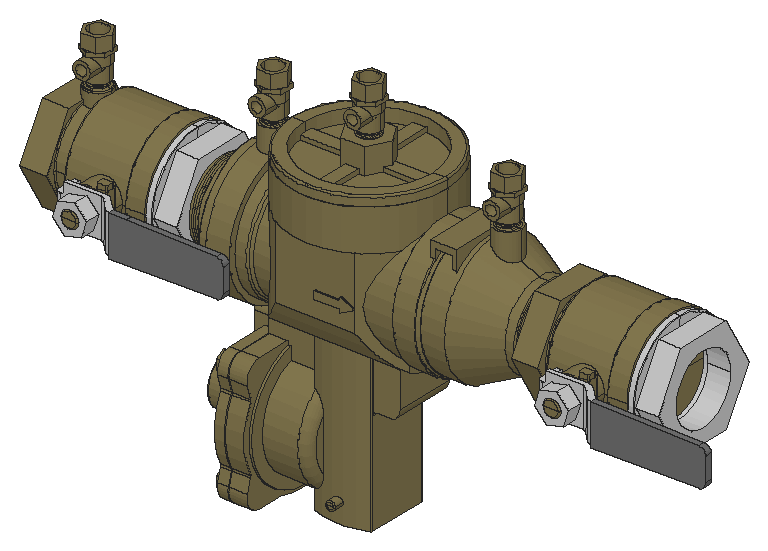
Revit family "FRP2.00-QT-LL 2.00in FRP", category Plumbing Fixtures, Revit 2018
Family settings
  Round Connector Dimension = Use Diameter
  Part Type = Normal
  Work Plane-Based = No
  Always vertical = Yes
  Cut with Voids When Loaded = No
  Shared = No
  Room Calculation Point = No
Parameters (values of type "FRP2.00-QT-LL 2.00in FRP")
  URL = "WWW.MIFAB.COM"
  Model = "FRP2.00-QT-LL 2.00in FRP"
  Manufacturer = "MIFAB"
  Description = "FRIENDLY REDUCED PRESSURE ZONE BACKFLOW 1/2” TO 2” -LL"
Reference planes (in)
  plane 1 "Center (Front/Back)": y = 0
  plane 2: z = 0
  plane 3 "Center (Left/Right)": x = 0
  plane 4: x = -2.105
  plane 5: z = 4.215
Forms (in)
  Revolve 1, solid, material "B Material"
    sketch origin (-2.37295, 0, 3.55544) x (1, 0, 0) y (0, 0, 1)
      loop
        line (-4.5376, 4.275) -> (-4.16181, 4.275) -> (-4.15731, 4.75224) -> (-4.17645, 4.78287) -> (-4.21287, 4.78322) -> (-4.26872, 4.80245) -> (-4.30895, 4.83276) -> (-4.26595, 4.85963) -> (-4.30603, 4.88983) -> (-4.26683, 4.91068) -> (-4.26683, 4.94983)
        arc (-4.26683, 4.94983) -> (-4.26109, 4.96367) -> (-4.24724, 4.96941) r 0.01958
        line (-4.24724, 4.96941) -> (-4.20226, 4.96941) -> (-4.20226, 5.40248) -> (-4.5376, 5.40248) -> (-4.5376, 4.275)
      axis (-4.5376, 4.275) -> (-4.5376, 5.40248)
    angle from 0 to 360
  Extrusion 2, solid, material "B Material"
    sketch origin (-3.49379, -3.40993, -0.41548) x (0, -1, 0) y (1, 0, 0)
      loop
        line (-2.97692, -3.41676) -> (-3.19343, -3.04176) -> (-3.62644, -3.04176) -> (-3.84295, -3.41676) -> (-3.62644, -3.79176) -> (-3.19343, -3.79176) -> (-2.97692, -3.41676)
    from 9.64899 to 9.7671
  Extrusion 3, solid, material "B Material"
    sketch origin (-5.30795, 0, 3.05749) x (1, 0, 0) y (0, 0, 1)
      loop
        circle (-1.598, 5.8905) r 0.16
      loop
        circle (-1.598, 5.8905) r 0.25
    from 0 to 0.6
  Revolve 4, solid, material "B Material"
    sketch origin (0.93299, 0, 0.25) x (1, 0, 0) y (0, 0, 1)
      loop
        line (5.50809, 6.3545) -> (-3.42499, 6.3545) -> (-3.42499, 4.46558)
        arc (-3.42499, 4.46558) -> (-3.41525, 4.44117) -> (-3.39138, 4.43016) r 0.03547
        line (-3.39138, 4.43016) -> (-3.18799, 4.4195) -> (-2.51799, 4.4195) -> (-2.51799, 4.59681) -> (-2.18879, 4.59681)
        arc (-2.18879, 4.59681) -> (-2.14596, 4.60613) -> (-2.11086, 4.63241) r 0.10309
        line (-2.11086, 4.63241) -> (-2.05692, 4.69468) -> (-1.5701, 4.69468) -> (0.32398, 4.69468) -> (0.32398, 4.5045) -> (2.10201, 4.5045) -> (2.18701, 4.4195) -> (2.79575, 4.4195)
        arc (2.79575, 4.4195) -> (2.81077, 4.42249) -> (2.82351, 4.431) r 0.03927
        line (2.82351, 4.431) -> (2.88445, 4.49194)
        arc (2.88445, 4.49194) -> (2.89836, 4.50124) -> (2.91478, 4.5045) r 0.04289
        line (2.91478, 4.5045) -> (3.58915, 4.5045) -> (4.81901, 5.12822) -> (5.08402, 5.1365) -> (5.10401, 5.17016) -> (5.16402, 5.17016) -> (5.20208, 5.23891) -> (5.24476, 5.17461) -> (5.28955, 5.24102) -> (5.33182, 5.17733) -> (5.37662, 5.24374) -> (5.42069, 5.17733) -> (5.46549, 5.24374) -> (5.50809, 5.17955) -> (5.50809, 6.3545)
      axis (-3.42499, 6.3545) -> (5.50809, 6.3545)
    angle from 0 to 360
  Revolve 5, solid, material "B Material"
    sketch origin (0.52094, 0, 2.95442) x (1, 0, 0) y (0, 0, 1)
      loop
        line (2.62181, 6.21908) -> (2.56191, 6.21908) -> (2.61506, 6.23332) -> (2.6112, 6.45411)
        arc (2.6112, 6.45411) -> (2.596, 6.4895) -> (2.56036, 6.50408) r 0.05085
        line (2.56036, 6.50408) -> (2.22181, 6.50408) -> (2.22181, 6.13408) -> (0.3661, 6.13408) -> (0.3661, 5.02437) -> (2.62181, 5.02437) -> (2.62181, 6.21908)
      axis (0.3661, 6.50408) -> (0.3661, 5.02437)
    angle from 0 to 360
  Extrusion 6, solid, material "B Material"
    sketch origin (-0.15214, -3.41032, 1.84939) x (0, -1, 0) y (1, 0, 0)
      loop
        arc (-1.56659, 0.8287) -> (-1.55469, 1.02175) -> (-1.56296, 1.215) r 1.85571
        line (-1.56296, 1.215) -> (-3.21737, 1.215) -> (-3.21737, 2.87511)
        arc (-3.21737, 2.87511) -> (-3.41068, 2.89489) -> (-3.60368, 2.87228) r 0.89068
        line (-3.60368, 2.87228) -> (-3.60368, 1.21434) -> (-5.25774, 1.21434)
        arc (-5.25774, 1.21434) -> (-5.26594, 1.02142) -> (-5.25405, 0.8287) r 1.85571
        line (-5.25405, 0.8287) -> (-3.60368, 0.8287) -> (-3.60368, -0.80642)
        arc (-3.60368, -0.80642) -> (-3.41053, -0.81653) -> (-3.21737, -0.80647) r 1.85571
        line (-3.21737, -0.80647) -> (-3.21737, 0.8287) -> (-1.56659, 0.8287)
    from 7.37052 to 7.23911
  Revolve 7, solid, material "B Material"
    sketch origin (-0.53327, 0, 2.6395) x (1, 0, 0) y (0, 0, 1)
      loop
        line (-2.64921, 5.11435) -> (-2.67881, 5.14722) -> (-2.70959, 5.11209) -> (-2.73919, 5.14496) -> (-2.77125, 5.10692) -> (-2.80371, 5.14297) -> (-2.85618, 5.08073) -> (-2.90243, 5.1321) -> (-2.94123, 5.08606) -> (-2.94123, 3.965) -> (-2.15654, 3.965) -> (-2.15654, 5.26911)
        arc (-2.15654, 5.26911) -> (-2.16641, 5.24475) -> (-2.19045, 5.23413) r 0.035
        line (-2.19045, 5.23413) -> (-2.48691, 5.22487) -> (-2.55691, 5.15487) -> (-2.58284, 5.10995) -> (-2.61843, 5.14947) -> (-2.64921, 5.11435)
      axis (-2.94123, 3.965) -> (-2.15654, 3.965)
    angle from 0 to 360
  Extrusion 8, solid, material "B Material"
    sketch origin (2.385, 0, 3.609) x (1, 0, 0) y (0, 0, 1)
      loop
        arc (1.235, 4.223) -> (1.23886, 4.17689) -> (1.25032, 4.13206) r 0.27759
        arc (1.25032, 4.13206) -> (1.261, 4.1178) -> (1.27797, 4.11238) r 0.02927
        line (1.27797, 4.11238) -> (1.32914, 4.11238)
        arc (1.32914, 4.11238) -> (1.34656, 4.11795) -> (1.3575, 4.1326) r 0.02999
        arc (1.3575, 4.1326) -> (1.36712, 4.16798) -> (1.372, 4.20433) r 0.27759
        line (1.372, 4.20433) -> (1.372, 4.76148) -> (1.848, 4.76148) -> (1.848, 4.20433)
        arc (1.848, 4.20433) -> (1.85288, 4.16798) -> (1.8625, 4.1326) r 0.27759
        arc (1.8625, 4.1326) -> (1.87344, 4.11795) -> (1.89086, 4.11238) r 0.02999
        line (1.89086, 4.11238) -> (1.94611, 4.11238)
        arc (1.94611, 4.11238) -> (1.96081, 4.11771) -> (1.96865, 4.13124) r 0.02289
        arc (1.96865, 4.13124) -> (1.97323, 4.16056) -> (1.97652, 4.19006) r 0.6798
        arc (1.97652, 4.19006) -> (1.98288, 4.26287) -> (1.985, 4.33592) r 1.25932
        line (1.985, 4.33592) -> (1.985, 4.9505) -> (1.235, 4.9505) -> (1.235, 4.223)
    from -1.2 to 1.2
  Extrusion 9, solid, material "B Material"
    sketch origin (0, 0, 0) x (0, 1, 0) y (0, 0, 1)
      loop
        line (1.14998, 1.47142) -> (1.2937, 2.0078)
        arc (1.2937, 2.0078) -> (1.30008, 2.03987) -> (1.30222, 2.0725) r 0.25
        arc (1.30222, 2.0725) -> (1.25056, 2.22469) -> (1.11693, 2.31398) r 0.25
        line (1.11693, 2.31398) -> (0.58055, 2.4577)
        arc (0.58055, 2.4577) -> (0.45959, 2.51917) -> (0.33222, 2.56597) r 1.15
        arc (0.33222, 2.56597) -> (0.2283, 2.63974) -> (0.19004, 2.76132) r 0.2
        arc (0.19004, 2.76132) -> (0, 2.955) -> (-0.18996, 2.76132) r 0.19
        arc (-0.18996, 2.76132) -> (-0.2283, 2.63974) -> (-0.33222, 2.56597) r 0.2
        arc (-0.33222, 2.56597) -> (-0.45959, 2.51917) -> (-0.58055, 2.4577) r 1.15
        line (-0.58055, 2.4577) -> (-1.11693, 2.31398)
        arc (-1.11693, 2.31398) -> (-1.26873, 2.1975) -> (-1.2937, 2.0078) r 0.25
        line (-1.2937, 2.0078) -> (-1.14998, 1.47142)
        arc (-1.14998, 1.47142) -> (-0.99593, 0.89) -> (-0.56943, 0.46587) r 1.15
        line (-0.56943, 0.46587) -> (-0.17678, 0.07322)
        arc (-0.17678, 0.07322) -> (0, 0) -> (0.17678, 0.07322) r 0.25
        line (0.17678, 0.07322) -> (0.56943, 0.46587)
        arc (0.56943, 0.46587) -> (0.99593, 0.89) -> (1.14998, 1.47142) r 1.15
    from -1.989 to -1.699
  Extrusion 10, solid, material "B Material"
    sketch origin (-3.378, 0, 0) x (0, 1, 0) y (0, 0, -1)
      loop
        arc (1.14998, -1.47142) -> (0.99593, -0.89) -> (0.56943, -0.46587) r 1.15
        line (0.56943, -0.46587) -> (0.17678, -0.07322)
        arc (0.17678, -0.07322) -> (0, 0) -> (-0.17678, -0.07322) r 0.25
        line (-0.17678, -0.07322) -> (-0.56943, -0.46587)
        arc (-0.56943, -0.46587) -> (-0.99593, -0.89) -> (-1.14998, -1.47142) r 1.15
        line (-1.14998, -1.47142) -> (-1.2937, -2.0078)
        arc (-1.2937, -2.0078) -> (-1.26873, -2.1975) -> (-1.11693, -2.31398) r 0.25
        line (-1.11693, -2.31398) -> (-0.58055, -2.4577)
        arc (-0.58055, -2.4577) -> (-0.45959, -2.51917) -> (-0.33222, -2.56597) r 1.15
        arc (-0.33222, -2.56597) -> (-0.2283, -2.63974) -> (-0.18996, -2.76132) r 0.2
        arc (-0.18996, -2.76132) -> (0, -2.955) -> (0.19004, -2.76132) r 0.19
        arc (0.19004, -2.76132) -> (0.2283, -2.63974) -> (0.33222, -2.56597) r 0.2
        arc (0.33222, -2.56597) -> (0.45959, -2.51917) -> (0.58055, -2.4577) r 1.15
        line (0.58055, -2.4577) -> (1.11693, -2.31398)
        arc (1.11693, -2.31398) -> (1.25056, -2.22469) -> (1.30222, -2.0725) r 0.25
        arc (1.30222, -2.0725) -> (1.30008, -2.03987) -> (1.2937, -2.0078) r 0.25
        line (1.2937, -2.0078) -> (1.14998, -1.47142)
    from -1.98935 to -1.689
  Revolve 11, solid, material "B Material"
    sketch origin (0, 0, 0) x (1, 0, 0) y (0, 0, 1)
      loop
        line (-3.205, 2.0675) -> (-3.205, 1.39184)
        arc (-3.205, 1.39184) -> (-3.1906, 1.35665) -> (-3.15567, 1.34164) r 0.05021
        line (-3.15567, 1.34164) -> (-2.21487, 1.32522)
        arc (-2.21487, 1.32522) -> (-2.17955, 1.31004) -> (-2.165, 1.27447) r 0.05076
        line (-2.165, 1.27447) -> (-2.165, 0.48772)
        arc (-2.165, 0.48772) -> (-2.14998, 0.45147) -> (-2.11373, 0.43645) r 0.05127
        line (-2.11373, 0.43645) -> (-1.905, 0.43645) -> (-1.905, 2.0675) -> (-3.205, 2.0675)
      axis (-1.905, 2.0675) -> (-3.205, 2.0675)
    angle from 0 to 360
  Extrusion 12, solid, material "B Material"
    sketch origin (0, 0, 0) x (0, 1, 0) y (0, 0, 1)
      loop
        line (0.19, 2.33146) -> (0.19, 2.76414)
        arc (0.19, 2.76414) -> (0, 2.95414) -> (-0.19, 2.76414) r 0.19
        line (-0.19, 2.76414) -> (-0.19, 2.33175)
        arc (-0.19, 2.33175) -> (-0.18414, 2.31761) -> (-0.17, 2.31175) r 0.02
        line (-0.17, 2.31175) -> (0.17029, 2.31175)
        arc (0.17029, 2.31175) -> (0.18423, 2.31753) -> (0.19, 2.33146) r 0.01971
    from -2.214 to -1.989
  Extrusion 13, void
    sketch origin (0, 0, 0) x (1, 0, 0) y (0, 0, 1)
      loop
        line (-2.16498, 2.30688) -> (-2.22823, 2.37012) -> (-2.22823, 2.30688) -> (-2.16498, 2.30688)
    from -0.22141 to 0.2264
  Extrusion 14, solid, material "B Material"
    sketch origin (0, 0, 0) x (0, 1, 0) y (0, 0, 1)
      loop
        line (0.87239, 2.05794) -> (0.97491, 1.90948) -> (1.15475, 1.92404) -> (1.23205, 2.08706) -> (1.12953, 2.23552) -> (0.9497, 2.22096) -> (0.87239, 2.05794)
      loop
        line (-0.87562, 2.03557) -> (-0.93194, 2.20698) -> (-1.10854, 2.24391) -> (-1.22882, 2.10943) -> (-1.1725, 1.93802) -> (-0.9959, 1.90109) -> (-0.87562, 2.03557)
      loop
        line (0.18022, 0.24154) -> (0.09744, 0.40185) -> (-0.08279, 0.41031) -> (-0.18022, 0.25846) -> (-0.09744, 0.09815) -> (0.08279, 0.08969) -> (0.18022, 0.24154)
    from -2.105 to -1.989
  Revolve 15, solid, material "B Material"
    sketch origin (0, 1.05372, 0) x (1, 0, 0) y (0, 0, 1)
      loop
        line (-1.364, 2.07317) -> (-1.989, 2.07317) -> (-1.989, 1.97673) -> (-1.39602, 1.97673) -> (-1.364, 2.00875) -> (-1.364, 2.07317)
      axis (-1.989, 2.07317) -> (-1.364, 2.07317)
    angle from 0 to 360
  Revolve 16, solid, material "B Material"
    sketch origin (0, -1.05667, 0) x (1, 0, 0) y (0, 0, 1)
      loop
        line (-1.364, 2.07317) -> (-1.989, 2.07317) -> (-1.989, 1.97673) -> (-1.39602, 1.97673) -> (-1.364, 2.00875) -> (-1.364, 2.07317)
      axis (-1.989, 2.07317) -> (-1.364, 2.07317)
    angle from 0 to 360
  Revolve 17, solid, material "B Material"
    sketch origin (0, 0, -1.8224) x (1, 0, 0) y (0, 0, 1)
      loop
        line (-1.364, 2.07317) -> (-1.989, 2.07317) -> (-1.989, 1.97673) -> (-1.39602, 1.97673) -> (-1.364, 2.00875) -> (-1.364, 2.07317)
      axis (-1.989, 2.07317) -> (-1.364, 2.07317)
    angle from 0 to 360
  Revolve 18, solid, material "B Material"
    sketch origin (4.23795, 0, -0.62357) x (1, 0, 0) y (0, 0, 1)
      loop
        line (-5.19295, 4.25641) -> (-5.19295, 4.61107) -> (-5.29295, 4.61107) -> (-5.29295, 2.69107) -> (-3.85779, 2.69107) -> (-3.85779, 3.95888)
        arc (-3.85779, 3.95888) -> (-3.94494, 4.16927) -> (-4.15533, 4.25641) r 0.29753
        line (-4.15533, 4.25641) -> (-5.19295, 4.25641)
      axis (-3.85779, 2.69107) -> (-5.29295, 2.69107)
    angle from 0 to 360
  Extrusion 19, solid, material "B Material"
    sketch origin (4.23795, 0, -0.62357) x (1, 0, 0) y (0, 0, 1)
      loop
        line (-1.75795, 5.3787) -> (-2.54295, 5.3787) -> (-2.54295, 3.83307)
        arc (-2.54295, 3.83307) -> (-2.51366, 3.90378) -> (-2.44295, 3.93307) r 0.1
        line (-2.44295, 3.93307) -> (-2.07155, 3.93307)
        arc (-2.07155, 3.93307) -> (-1.8498, 4.02492) -> (-1.75795, 4.24667) r 0.3136
        line (-1.75795, 4.24667) -> (-1.75795, 5.3787)
    from -0.87239 to 0.87562
  Revolve 20, solid, material "B Material"
    sketch origin (-13.39364, -0.28125, 0.80481) x (1, 0, 0) y (0, 1, 0)
      loop
        line (14.25427, -1.09549) -> (14.35827, -1.09549)
        arc (14.35827, -1.09549) -> (14.37312, -1.08934) -> (14.37927, -1.07449) r 0.021
        line (14.37927, -1.07449) -> (14.37927, -0.79317) -> (14.25427, -0.79317) -> (14.25427, -1.09549)
      loop
        line (14.25427, 1.64201) -> (14.25427, 1.33969) -> (14.37927, 1.33969) -> (14.37927, 1.621)
        arc (14.37927, 1.621) -> (14.37312, 1.63586) -> (14.35827, 1.64201) r 0.021
        line (14.35827, 1.64201) -> (14.25427, 1.64201)
      axis (14.25427, 1.64201) -> (14.25427, -1.09549)
    angle from 0 to 360
  Extrusion 21, solid, material "B Material"
    sketch origin (4.23795, 0, -0.62357) x (1, 0, 0) y (0, 0, 1)
      loop
        line (-4.19296, 4.17214) -> (-4.19296, 5.22272) -> (-5.36189, 5.22272) -> (-5.36189, 5.63619) -> (-5.39578, 5.63619) -> (-5.47111, 5.54953)
        arc (-5.47111, 5.54953) -> (-5.48452, 5.53951) -> (-5.50088, 5.53596) r 0.03944
        line (-5.50088, 5.53596) -> (-5.84295, 5.53596) -> (-5.84295, 4.63107) -> (-5.29295, 4.63107) -> (-5.29295, 4.17214) -> (-4.19296, 4.17214)
    from -0.5 to 0.50553
  Revolve 22, solid, material "B Material"
    sketch origin (-2.37295, 0, 3.55544) x (1, 0, 0) y (0, 0, 1)
      loop
        line (-4.5376, 5.40248) -> (-4.18257, 5.40248) -> (-4.18257, 5.67807) -> (-4.5376, 5.67807) -> (-4.5376, 5.40248)
      axis (-4.5376, 5.40248) -> (-4.5376, 5.67807)
    angle from 0 to 360
  Extrusion 23, solid, material "B Material"
    sketch origin (-3.49379, -3.40993, -0.41548) x (0, -1, 0) y (1, 0, 0)
      loop
        line (-3.40993, -3.00627) -> (-3.76521, -3.21139) -> (-3.76521, -3.62163) -> (-3.40993, -3.82676) -> (-3.05465, -3.62163) -> (-3.05465, -3.21139) -> (-3.40993, -3.00627)
      loop
        circle (-3.40993, -3.41651) r 0.28174
    from 9.7671 to 10.17262
  Revolve 24, solid, material "B Material"
    sketch origin (2.66835, 0, 4.38716) x (1, 0, 0) y (0, 0, 1)
      loop
        line (-4.5376, 3.86507) -> (-4.17034, 3.86507) -> (-4.17034, 4.78634) -> (-4.22194, 4.78634) -> (-4.26872, 4.80245) -> (-4.30895, 4.83276) -> (-4.26595, 4.85963) -> (-4.30603, 4.88983) -> (-4.26683, 4.91068) -> (-4.26683, 4.94983)
        arc (-4.26683, 4.94983) -> (-4.26109, 4.96367) -> (-4.24724, 4.96941) r 0.01958
        line (-4.24724, 4.96941) -> (-4.20226, 4.96941) -> (-4.20226, 5.40248) -> (-4.5376, 5.40248) -> (-4.5376, 3.86507)
      axis (-4.5376, 3.86507) -> (-4.5376, 5.40248)
    angle from 0 to 360
  Extrusion 25, solid, material "B Material"
    sketch origin (1.5475, -3.40993, 0.41624) x (0, -1, 0) y (1, 0, 0)
      loop
        line (-2.97692, -3.41676) -> (-3.19343, -3.04176) -> (-3.62644, -3.04176) -> (-3.84295, -3.41676) -> (-3.62644, -3.79176) -> (-3.19343, -3.79176) -> (-2.97692, -3.41676)
    from 9.64899 to 9.7671
  Extrusion 26, solid, material "B Material"
    sketch origin (-0.26665, 0, 3.88921) x (1, 0, 0) y (0, 0, 1)
      loop
        circle (-1.598, 5.8905) r 0.16
      loop
        circle (-1.598, 5.8905) r 0.25
    from 0 to 0.6
  Revolve 27, solid, material "B Material"
    sketch origin (2.66835, 0, 4.38716) x (1, 0, 0) y (0, 0, 1)
      loop
        line (-4.5376, 5.40248) -> (-4.18257, 5.40248) -> (-4.18257, 5.67807) -> (-4.5376, 5.67807) -> (-4.5376, 5.40248)
      axis (-4.5376, 5.40248) -> (-4.5376, 5.67807)
    angle from 0 to 360
  Extrusion 28, solid, material "B Material"
    sketch origin (1.5475, -3.40993, 0.41624) x (0, -1, 0) y (1, 0, 0)
      loop
        line (-3.40993, -3.00627) -> (-3.76521, -3.21139) -> (-3.76521, -3.62163) -> (-3.40993, -3.82676) -> (-3.05465, -3.62163) -> (-3.05465, -3.21139) -> (-3.40993, -3.00627)
      loop
        circle (-3.40993, -3.41651) r 0.28
    from 9.7671 to 10.17262
  Revolve 29, solid, material "B Material"
    sketch origin (5.41461, 0, 5.05216) x (1, 0, 0) y (0, 0, 1)
      loop
        line (-4.5376, 4.275) -> (-4.22194, 4.275) -> (-4.22194, 4.78634) -> (-4.26872, 4.80245) -> (-4.30895, 4.83276) -> (-4.26595, 4.85963) -> (-4.30603, 4.88983) -> (-4.26461, 4.91185)
        arc (-4.26461, 4.91185) -> (-4.26399, 4.93106) -> (-4.24724, 4.94048) r 0.01958
        line (-4.24724, 4.94048) -> (-4.20226, 4.94048) -> (-4.20226, 5.40248) -> (-4.5376, 5.40248) -> (-4.5376, 4.275)
      axis (-4.5376, 4.275) -> (-4.5376, 5.40248)
    angle from 0 to 360
  Extrusion 30, solid, material "B Material"
    sketch origin (4.29377, -3.40993, 1.08124) x (0, -1, 0) y (1, 0, 0)
      loop
        line (-2.97692, -3.41676) -> (-3.19343, -3.04176) -> (-3.62644, -3.04176) -> (-3.84295, -3.41676) -> (-3.62644, -3.79176) -> (-3.19343, -3.79176) -> (-2.97692, -3.41676)
    from 9.62474 to 9.74442
  Extrusion 31, solid, material "B Material"
    sketch origin (2.47961, 0, 4.52686) x (1, 0, 0) y (0, 0, 1)
      loop
        circle (-1.598, 5.8905) r 0.16
      loop
        circle (-1.598, 5.8905) r 0.25
    from 0 to 0.6
  Revolve 32, solid, material "B Material"
    sketch origin (5.41461, 0, 5.05216) x (1, 0, 0) y (0, 0, 1)
      loop
        line (-4.5376, 5.40248) -> (-4.18257, 5.40248) -> (-4.18257, 5.67807) -> (-4.5376, 5.67807) -> (-4.5376, 5.40248)
      axis (-4.5376, 5.40248) -> (-4.5376, 5.67807)
    angle from 0 to 360
  Extrusion 33, solid, material "B Material"
    sketch origin (4.29377, -3.40993, 1.08124) x (0, -1, 0) y (1, 0, 0)
      loop
        line (-3.40993, -3.00627) -> (-3.76521, -3.21139) -> (-3.76521, -3.62163) -> (-3.40993, -3.82676) -> (-3.05465, -3.62163) -> (-3.05465, -3.21139) -> (-3.40993, -3.00627)
      loop
        circle (-3.40993, -3.41651) r 0.28
    from 9.74442 to 10.17762
  Revolve 34, solid, material "B Material"
    sketch origin (9.40736, 0, 4.09216) x (1, 0, 0) y (0, 0, 1)
      loop
        line (-4.5376, 3.95036) -> (-4.14286, 3.95036) -> (-4.14286, 4.78634) -> (-4.22194, 4.78634) -> (-4.26872, 4.80245) -> (-4.30895, 4.83276) -> (-4.26595, 4.85963) -> (-4.30603, 4.88983) -> (-4.26683, 4.91068) -> (-4.26683, 4.94983)
        arc (-4.26683, 4.94983) -> (-4.26109, 4.96367) -> (-4.24724, 4.96941) r 0.01958
        line (-4.24724, 4.96941) -> (-4.20226, 4.96941) -> (-4.20226, 5.40248) -> (-4.5376, 5.40248) -> (-4.5376, 3.95036)
      axis (-4.5376, 3.95036) -> (-4.5376, 5.40248)
    angle from 0 to 360
  Extrusion 35, solid, material "B Material"
    sketch origin (8.28651, -3.40993, 0.12124) x (0, -1, 0) y (1, 0, 0)
      loop
        line (-2.97692, -3.41676) -> (-3.19343, -3.04176) -> (-3.62644, -3.04176) -> (-3.84295, -3.41676) -> (-3.62644, -3.79176) -> (-3.19343, -3.79176) -> (-2.97692, -3.41676)
    from 9.64899 to 9.7671
  Extrusion 36, solid, material "B Material"
    sketch origin (6.47236, 0, 3.59421) x (1, 0, 0) y (0, 0, 1)
      loop
        circle (-1.598, 5.8905) r 0.16
      loop
        circle (-1.598, 5.8905) r 0.25
    from 0 to 0.6
  Revolve 37, solid, material "B Material"
    sketch origin (9.40736, 0, 4.09216) x (1, 0, 0) y (0, 0, 1)
      loop
        line (-4.5376, 5.40248) -> (-4.18257, 5.40248) -> (-4.18257, 5.67807) -> (-4.5376, 5.67807) -> (-4.5376, 5.40248)
      axis (-4.5376, 5.40248) -> (-4.5376, 5.67807)
    angle from 0 to 360
  Extrusion 38, solid, material "B Material"
    sketch origin (8.28651, -3.40993, 0.12124) x (0, -1, 0) y (1, 0, 0)
      loop
        line (-3.40993, -3.00627) -> (-3.76521, -3.21139) -> (-3.76521, -3.62163) -> (-3.40993, -3.82676) -> (-3.05465, -3.62163) -> (-3.05465, -3.21139) -> (-3.40993, -3.00627)
      loop
        circle (-3.40993, -3.41651) r 0.28
    from 9.7671 to 10.17262
  Extrusion 39, solid, material "B Material"
    sketch origin (-0.0051, -19.93445, -5.43334) x (1, 0, 0) y (0, 1, 0)
      loop
        line (0.20204, 19.93445) -> (0.53988, 19.34931) -> (1.21554, 19.34931) -> (1.55337, 19.93445) -> (1.21554, 20.51959) -> (0.53988, 20.51959) -> (0.20204, 19.93445)
    from 14.52184 to 15.27184
  Extrusion 40, solid, material "B Material"
    sketch origin (-7.80113, 19.47483, 0) x (0, -1, 0) y (0, 0, 1)
      loop
        line (19.42249, 4.0075) -> (17.96548, 4.0075)
        arc (17.96548, 4.0075) -> (17.61878, 3.83653) -> (17.54336, 3.45739) r 0.43701
        line (17.54336, 3.45739) -> (17.64321, 3.08473)
        arc (17.64321, 3.08473) -> (17.64606, 3.04829) -> (17.63561, 3.01326) r 0.09994
        arc (17.63561, 3.01326) -> (17.40723, 2.06674) -> (17.6363, 1.12038) r 2.0725
        arc (17.6363, 1.12038) -> (17.64635, 1.08678) -> (17.64363, 1.05181) r 0.0958
        line (17.64363, 1.05181) -> (17.54373, 0.67898)
        arc (17.54373, 0.67898) -> (17.61933, 0.2989) -> (17.96689, 0.1275) r 0.43809
        line (17.96689, 0.1275) -> (18.7473, 0.1275)
        arc (18.7473, 0.1275) -> (19.47973, -0.005) -> (20.21216, 0.1275) r 2.09061
        line (20.21216, 0.1275) -> (20.99257, 0.1275)
        arc (20.99257, 0.1275) -> (21.34013, 0.2989) -> (21.41573, 0.67898) r 0.43809
        line (21.41573, 0.67898) -> (21.31583, 1.05181)
        arc (21.31583, 1.05181) -> (21.31311, 1.08678) -> (21.32316, 1.12038) r 0.0958
        arc (21.32316, 1.12038) -> (21.55223, 2.06674) -> (21.32385, 3.01326) r 2.0725
        arc (21.32385, 3.01326) -> (21.3134, 3.04829) -> (21.31625, 3.08473) r 0.09994
        line (21.31625, 3.08473) -> (21.4161, 3.45739)
        arc (21.4161, 3.45739) -> (21.34069, 3.83653) -> (20.99399, 4.0075) r 0.43701
        line (20.99399, 4.0075) -> (19.42249, 4.0075)
    from -6.19613 to -5.89613
  Extrusion 41, solid, material "B Material"
    sketch origin (-7.80113, 19.42249, 0) x (0, -1, 0) y (0, 0, 1)
      loop
        line (21.17249, 3.71684) -> (20.92249, 3.86118) -> (20.67249, 3.71684) -> (20.67249, 3.42816) -> (20.92249, 3.28382) -> (21.17249, 3.42816) -> (21.17249, 3.71684)
      loop
        line (21.17249, 0.71684) -> (20.92249, 0.86118) -> (20.67249, 0.71684) -> (20.67249, 0.42816) -> (20.92249, 0.28382) -> (21.17249, 0.42816) -> (21.17249, 0.71684)
      loop
        line (18.17249, 0.71684) -> (17.92249, 0.86118) -> (17.67249, 0.71684) -> (17.67249, 0.42816) -> (17.92249, 0.28382) -> (18.17249, 0.42816) -> (18.17249, 0.71684)
      loop
        line (18.1574, 3.71723) -> (17.9074, 3.86157) -> (17.6574, 3.71723) -> (17.6574, 3.42856) -> (17.9074, 3.28422) -> (18.1574, 3.42856) -> (18.1574, 3.71723)
    from -5.89613 to -5.69613
  Extrusion 42, solid, material "B Material"
    sketch origin (4.59113, 19.47483, 0) x (0, -1, 0) y (0, 0, -1)
      loop
        line (19.42249, -4.0075) -> (20.99399, -4.0075)
        arc (20.99399, -4.0075) -> (21.34069, -3.83653) -> (21.4161, -3.45739) r 0.43701
        line (21.4161, -3.45739) -> (21.31625, -3.08473)
        arc (21.31625, -3.08473) -> (21.3134, -3.04829) -> (21.32385, -3.01326) r 0.09994
        arc (21.32385, -3.01326) -> (21.55223, -2.06674) -> (21.32316, -1.12038) r 2.0725
        arc (21.32316, -1.12038) -> (21.31311, -1.08678) -> (21.31583, -1.05181) r 0.0958
        line (21.31583, -1.05181) -> (21.41573, -0.67898)
        arc (21.41573, -0.67898) -> (21.34013, -0.2989) -> (20.99257, -0.1275) r 0.43809
        line (20.99257, -0.1275) -> (20.21216, -0.1275)
        arc (20.21216, -0.1275) -> (19.47973, 0.005) -> (18.7473, -0.1275) r 2.09061
        line (18.7473, -0.1275) -> (17.96689, -0.1275)
        arc (17.96689, -0.1275) -> (17.61933, -0.2989) -> (17.54373, -0.67898) r 0.43809
        line (17.54373, -0.67898) -> (17.64363, -1.05181)
        arc (17.64363, -1.05181) -> (17.64635, -1.08678) -> (17.6363, -1.12038) r 0.0958
        arc (17.6363, -1.12038) -> (17.40723, -2.06674) -> (17.63561, -3.01326) r 2.0725
        arc (17.63561, -3.01326) -> (17.64606, -3.04829) -> (17.64321, -3.08473) r 0.09994
        line (17.64321, -3.08473) -> (17.54336, -3.45739)
        arc (17.54336, -3.45739) -> (17.61878, -3.83653) -> (17.96548, -4.0075) r 0.43701
        line (17.96548, -4.0075) -> (19.42249, -4.0075)
    from -6.19613 to -5.64613
  Extrusion 43, solid, material "B Material"
    sketch origin (0, 0, 0) x (0, 1, 0) y (0, 0, 1)
      loop
        line (1.95, 5.90019) -> (1.95, 7.9788) -> (-1.95, 7.9788) -> (-1.95, 5.90019)
        arc (-1.95, 5.90019) -> (-1.21919, 4.93045) -> (-0.07085, 4.53571) r 2.075
        arc (-0.07085, 4.53571) -> (1.16114, 4.8898) -> (1.95, 5.90019) r 2.075
    from -1.12393 to 2.88999
  Extrusion 44, void
    sketch origin (0, 0, 0) x (1, 0, 0) y (0, 1, 0)
      loop
        circle (0.88704, 0) r 2.25571
      loop
        line (-1.71316, 3.18776) -> (-1.71316, -2.81224) -> (3.53684, -2.81224) -> (3.53684, 3.18776) -> (-1.71316, 3.18776)
    from 4.41339 to 12
  Extrusion 45, solid, material "B Material"
    sketch origin (0, 0, 0) x (0, 1, 0) y (0, 0, 1)
      loop
        line (1.39979, 7.41767) -> (0, 8.22584) -> (-1.39979, 7.41767) -> (-1.39979, 5.80133) -> (0, 4.99316) -> (1.39979, 5.80133) -> (1.39979, 7.41767)
    from -2.492 to -2.68981
  Extrusion 46, solid, material "B Material"
    sketch origin (0, -6.32122, -2.32671) x (0, -1, 0) y (1, 0, 0)
      loop
        arc (-5.40721, 1.66561) -> (-5.42599, 1.68703) -> (-5.45333, 1.695) r 0.05088
        line (-5.45333, 1.695) -> (-7.18904, 1.695)
        arc (-7.18904, 1.695) -> (-7.21643, 1.68701) -> (-7.23524, 1.66556) r 0.05097
        arc (-7.23524, 1.66556) -> (-7.41372, 0.85986) -> (-7.23513, 0.0542) r 1.90722
        arc (-7.23513, 0.0542) -> (-7.21647, 0.03292) -> (-7.18931, 0.025) r 0.05056
        line (-7.18931, 0.025) -> (-5.45419, 0.025)
        arc (-5.45419, 0.025) -> (-5.42611, 0.03319) -> (-5.40684, 0.05519) r 0.05223
        arc (-5.40684, 0.05519) -> (-5.22872, 0.86044) -> (-5.40721, 1.66561) r 1.90722
      loop
        line (-5.57506, 1.46) -> (-7.06737, 1.46)
        arc (-7.06737, 1.46) -> (-7.17866, 0.87335) -> (-7.07675, 0.285) r 1.67222
        line (-7.07675, 0.285) -> (-5.56568, 0.285)
        arc (-5.56568, 0.285) -> (-5.46377, 0.87335) -> (-5.57506, 1.46) r 1.67222
    from 2.56121 to 7.57671
  Extrusion 47, solid, material "B Material"
    sketch origin (0, 0, 0) x (0, 1, 0) y (0, 0, 1)
      loop
        line (-0.25, 4.2725) -> (-0.25, 3.68408)
        arc (-0.25, 3.68408) -> (0, 3.70336) -> (0.25, 3.68408) r 1.63086
        line (0.25, 3.68408) -> (0.25, 4.2725)
        arc (0.25, 4.2725) -> (0, 4.5225) -> (-0.25, 4.2725) r 0.25
    from -2.219 to -1.585
  Extrusion 48, solid, material "B Material"
    sketch origin (0.57425, 0, 2.5195) x (1, 0, 0) y (0, 0, 1)
      loop
        line (1.0565, 4.125) -> (0.3515, 4.125)
        arc (0.3515, 4.125) -> (0.33736, 4.11914) -> (0.3315, 4.105) r 0.02
        line (0.3315, 4.105) -> (0.3315, 3.925)
        arc (0.3315, 3.925) -> (0.33736, 3.91086) -> (0.3515, 3.905) r 0.02
        line (0.3515, 3.905) -> (1.0565, 3.905) -> (1.0565, 3.84323)
        arc (1.0565, 3.84323) -> (1.06585, 3.82646) -> (1.08505, 3.82559) r 0.01972
        line (1.08505, 3.82559) -> (1.42792, 3.99703)
        arc (1.42792, 3.99703) -> (1.43903, 4.015) -> (1.42792, 4.03297) r 0.02009
        line (1.42792, 4.03297) -> (1.08561, 4.20412)
        arc (1.08561, 4.20412) -> (1.06604, 4.20324) -> (1.0565, 4.18613) r 0.02011
        line (1.0565, 4.18613) -> (1.0565, 4.125)
    from 2.00621 to 1.95
  Extrusion 49, solid, material "B Material"
    sketch origin (0.57425, 0, 2.5195) x (1, 0, 0) y (0, 0, -1)
      loop
        line (1.0565, -4.125) -> (1.0565, -4.18613)
        arc (1.0565, -4.18613) -> (1.06604, -4.20324) -> (1.08561, -4.20412) r 0.02011
        line (1.08561, -4.20412) -> (1.42792, -4.03297)
        arc (1.42792, -4.03297) -> (1.43903, -4.015) -> (1.42792, -3.99703) r 0.02009
        line (1.42792, -3.99703) -> (1.08505, -3.82559)
        arc (1.08505, -3.82559) -> (1.06585, -3.82646) -> (1.0565, -3.84323) r 0.01972
        line (1.0565, -3.84323) -> (1.0565, -3.905) -> (0.3515, -3.905)
        arc (0.3515, -3.905) -> (0.33736, -3.91086) -> (0.3315, -3.925) r 0.02
        line (0.3315, -3.925) -> (0.3315, -4.105)
        arc (0.3315, -4.105) -> (0.33736, -4.11914) -> (0.3515, -4.125) r 0.02
        line (0.3515, -4.125) -> (1.0565, -4.125)
    from 2.00621 to 1.95
Cuts and joins
  joined: Revolve 1, Extrusion 2, Revolve 22
  Extrusion 13 cuts Extrusion 12
  joined: Extrusion 10, Revolve 15, Revolve 16, Revolve 17
  Extrusion 44 cuts Extrusion 8
  Extrusion 44 cuts Extrusion 19
  Extrusion 44 cuts Revolve 20
  joined: Extrusion 8, Extrusion 19, Revolve 20
  Extrusion 44 cuts Revolve 18
  Extrusion 44 cuts Extrusion 9
  Extrusion 44 cuts Extrusion 43
  joined: Revolve 4, Revolve 24, Revolve 34, Extrusion 43
  joined: Extrusion 6, Extrusion 39
Lines and regions (in)
  model lines
    curve 1: line (-2.87815, 0, 5.70779) -> (-2.87815, 0, 7.50121)
Dimensions and locks (in)
  aligned and locked: level to plane 2
Nested families (in)
  nested 1: "00_2-00 V" at (-6.14039, 0, 5.9041), type "00_2-00 V"
  nested 2: "00_2-00 V R" at (7.72121, 0, 5.9041), type "00_2-00 V R"
Connectors (in)
  piping at (-7.85519, 0, 6.59982), diameter 2
    settings: on nested 1, index 1, connector inside diameter 609.6 mm, connector length 0.00", flow factor 0, pipe flow 0.0 L/s, pressure drop 0.0 Pa, fitting loss kfactor 0, connector angle 0.00°, fixture units 0, engagement length 0.00", angle of deflection 0.00°, flow configuration 0, flow direction 0, fitting loss method 0, system type 7, joint type 0, gender type 0, connector reference index -1, connector utility 0, adjustable connector no, is connector primary yes, connector description ""
  piping at (10.4946, 0, 6.59982), diameter 2
    settings: on nested 2, index 2, connector inside diameter 609.6 mm, connector length 0.00", flow factor 0, pipe flow 0.0 L/s, pressure drop 0.0 Pa, fitting loss kfactor 0, connector angle 0.00°, fixture units 0, engagement length 0.00", angle of deflection 0.00°, flow configuration 0, flow direction 0, fitting loss method 0, system type 7, joint type 0, gender type 0, connector reference index -1, connector utility 0, adjustable connector no, is connector primary no, connector description ""
Definition of nested family "00_2-00 V"
  Parameters (values of type "00_2-00 V")
    V Material = none
    H Material = none
    B Material = none
  Reference planes (in)
    plane 1 "Center (Front/Back)": y = 0
    plane 2: z = 0
    plane 3 "Center (Left/Right)": x = 0
    plane 4: x = 1.10236
    plane 5: x = -1.10236
    plane 6: z = 1.14173
    plane 7: x = -1.24236
    plane 8: z = 1.45669
    plane 9: z = 0.72835
  Forms (in)
    Revolve 1, solid, material <- "B Material"
      sketch origin (0, -0.72835, 0.72835) x (1, 0, 0) y (0, 1, 0)
        loop
          line (1.90724, 0.72835) -> (1.90724, 2.3815) -> (1.35449, 2.3815)
          arc (1.35449, 2.3815) -> (1.32765, 2.37038) -> (1.31654, 2.34355) r 0.03795
          line (1.31654, 2.34355) -> (-0.41376, 2.34355)
          arc (-0.41376, 2.34355) -> (-0.44289, 2.33148) -> (-0.45496, 2.30234) r 0.04121
          line (-0.45496, 2.30234) -> (-0.45496, 2.10596)
          arc (-0.45496, 2.10596) -> (-0.46639, 2.07836) -> (-0.49399, 2.06693) r 0.03903
          line (-0.49399, 2.06693) -> (-0.92762, 2.06693)
          arc (-0.92762, 2.06693) -> (-0.95381, 2.0769) -> (-0.96673, 2.10178) r 0.03937
          line (-0.96673, 2.10178) -> (-0.96673, 0.72835) -> (1.90724, 0.72835)
        axis (1.90724, 0.72835) -> (-0.96673, 0.72835)
      angle from 0 to 360
    Revolve 2, solid, material <- "B Material"
      sketch origin (0.28252, -0.18765, 0.72835) x (1, 0, 0) y (0, 1, 0)
        loop
          line (0.38457, -1.26127) -> (0.38457, -1.97771) -> (0.89584, -1.97771)
          arc (0.89584, -1.97771) -> (0.91014, -1.97179) -> (0.91606, -1.95749) r 0.02022
          line (0.91606, -1.95749) -> (0.91606, -1.26127) -> (0.38457, -1.26127)
        axis (0.38457, -1.26127) -> (0.38457, -1.97771)
      angle from 0 to 360
    Extrusion 3, solid, material <- "B Material"
      sketch origin (0.46411, -0.60655, 0) x (1, 0, 0) y (0, 1, 0)
        loop
          arc (0.48002, -1.23005) -> (0.44519, -1.24448) -> (0.43076, -1.27931) r 0.04925
          line (0.43076, -1.27931) -> (0.43076, -1.50147)
          arc (0.43076, -1.50147) -> (0.44179, -1.52809) -> (0.46841, -1.53912) r 0.03765
          line (0.46841, -1.53912) -> (0.69678, -1.53912)
          arc (0.69678, -1.53912) -> (0.72343, -1.52808) -> (0.73448, -1.50142) r 0.0377
          line (0.73448, -1.50142) -> (0.73448, -1.25537)
          arc (0.73448, -1.25537) -> (0.72706, -1.23747) -> (0.70916, -1.23005) r 0.02531
          line (0.70916, -1.23005) -> (0.48002, -1.23005)
      from 0.57677 to 1.29595
    Revolve 4, solid, material <- "H Material"
      sketch origin (1.92472, 0, 0) x (-1, 0, 0) y (0, 0, 1)
        loop
          line (0.01748, 1.7678) -> (0.01748, 2.34927) -> (-0.15939, 2.34927)
          arc (-0.15939, 2.34927) -> (-0.17352, 2.34341) -> (-0.17937, 2.32928) r 0.01999
          line (-0.17937, 2.32928) -> (-0.17937, 1.7678) -> (0.01748, 1.7678)
        axis (0.01748, 0.69573) -> (-0.17937, 0.69573)
      angle from 0 to 360
    Extrusion 5, solid, material <- "V Material"
      sketch origin (2.06661, -0.57438, 0.19318) x (1, 0, 0) y (0, 0, 1)
        loop
          arc (3.08784, 0.87964) -> (3.03148, 1.01719) -> (2.89479, 1.07564) r 0.19603
          line (2.89479, 1.07564) -> (-0.21257, 1.12276) -> (-0.21257, -0.05489) -> (2.89425, -0.00778)
          arc (2.89425, -0.00778) -> (3.03132, 0.05083) -> (3.08784, 0.18878) r 0.19658
          line (3.08784, 0.18878) -> (3.08784, 0.87964)
      from 2.13224 to 2.32909
    Extrusion 6, solid, material <- "H Material"
      sketch origin (1.16635, 5.78489, 0.47153) x (1, 0, 0) y (0, 1, 0)
        loop
          line (0.06222, -8.02899) -> (-1.07658, -8.02899)
          arc (-1.07658, -8.02899) -> (-1.10111, -8.01883) -> (-1.11126, -7.99431) r 0.03468
          line (-1.11126, -7.99431) -> (-1.11126, -7.47899) -> (-1.26126, -7.47899) -> (-1.26126, -8.02451)
          arc (-1.26126, -8.02451) -> (-1.21602, -8.13374) -> (-1.10678, -8.17899) r 0.15448
          line (-1.10678, -8.17899) -> (0.04274, -8.17899)
          arc (0.04274, -8.17899) -> (0.12022, -8.1944) -> (0.18591, -8.23829) r 0.20247
          line (0.18591, -8.23829) -> (0.51877, -8.57115)
          arc (0.51877, -8.57115) -> (0.59987, -8.62534) -> (0.69554, -8.64437) r 0.25
          line (0.69554, -8.64437) -> (1.16913, -8.64437) -> (1.16913, -8.51119) -> (0.74356, -8.51119)
          arc (0.74356, -8.51119) -> (0.67647, -8.49785) -> (0.61959, -8.45984) r 0.17533
          line (0.61959, -8.45984) -> (0.2782, -8.11845)
          arc (0.2782, -8.11845) -> (0.17911, -8.05224) -> (0.06222, -8.02899) r 0.30544
      from -0.30619 to 0.82178
    Revolve 7, solid, material <- "B Material"
      sketch origin (0.68626, -1.37795, 0.69658) x (1, 0, 0) y (0, 1, 0)
        loop
          line (-0.0117, -1.47638) -> (0.19672, -1.47638) -> (0.24207, -1.42233) -> (0.19659, -1.38806) -> (0.2383, -1.34917) -> (0.19628, -1.30999) -> (0.23831, -1.2708) -> (0.19628, -1.2316) -> (0.23832, -1.1924) -> (-0.0117, -1.1924) -> (-0.0117, -1.47638)
        axis (-0.0117, -1.1924) -> (-0.0117, -1.47638)
      angle from 0 to 360
    Extrusion 8, solid, material <- "B Material"
      sketch origin (1.40496, -0.59233, 0) x (1, 0, 0) y (0, 1, 0)
        loop
          line (-1.26903, -1.25808) -> (-1.34987, -1.28746) -> (-1.34987, -1.53366) -> (-1.26903, -1.53366) -> (-1.26903, -1.25808)
      from 0.57677 to 0.92673
    Extrusion 9, solid, material <- "H Material"
      sketch origin (0.27889, -0.34018, 0.17051) x (0.956305, 0, -0.292372) y (0.292372, 0, 0.956305)
        loop
          line (-0.2107, 0.86931) -> (-0.21609, 0.37155) -> (0.21229, 0.118) -> (0.64606, 0.36221) -> (0.65145, 0.85998) -> (0.22307, 1.11353) -> (-0.2107, 0.86931)
        loop
          circle (0.22458, 0.61877) r 0.25377
      from 2.05392 to 2.47714
    Extrusion 10, solid, material <- "B Material"
      sketch origin (0.62094, -0.74833, 0.15748) x (1, 0, 0) y (0, 0, 1)
        loop
          line (-0.17058, 0.15363) -> (0.26942, 0.15363) -> (0.48942, 0.54008) -> (0.26942, 0.92114) -> (-0.17058, 0.92114) -> (-0.39058, 0.54008) -> (-0.17058, 0.15363)
        loop
          arc (0.04942, 0.81618) -> (-0.22538, 0.5134) -> (0.10253, 0.26915) r 0.27609
          arc (0.10253, 0.26915) -> (0.32422, 0.56676) -> (0.04942, 0.81618) r 0.27609
      from 1.41703 to 1.49577
    Extrusion 11, solid, material <- "B Material"
      sketch origin (6.64734, 25.51014, 0) x (0, -1, 0) y (0, 0, 1)
        loop
          line (24.70303, 2.09193) -> (23.89895, 0.69224) -> (24.70908, -0.70397) -> (26.3233, -0.70048) -> (27.12738, 0.69922) -> (26.31725, 2.09542) -> (24.70303, 2.09193)
        loop
          circle (25.51014, 0.69572) r 1
      from 7.61407 to 8.36215
    Extrusion 12, solid, material <- "H Material"
      sketch origin (10.46624, 25.51014, 0) x (0, -1, 0) y (0, 0, 1)
        loop
          line (24.70303, 2.09193) -> (23.89895, 0.69224) -> (24.70908, -0.70397) -> (26.3233, -0.70048) -> (27.12738, 0.69922) -> (26.31725, 2.09542) -> (24.70303, 2.09193)
        loop
          circle (25.51014, 0.69572) r 1
      from 7.69286 to 8.36215
    Extrusion 13, void
      sketch origin (0, 0, 0) x (1, 0, 0) y (0, 1, 0)
        loop
          line (-0.11174, -1.67995) -> (-0.11174, -2.42995) -> (0.15509, -2.42995) -> (0.15509, -1.67995) -> (-0.11174, -1.67995)
      from 0.97925 to 1.39067
    Extrusion 14, void
      sketch origin (0, 0, -0.87401) x (1, 0, 0) y (0, 1, 0)
        loop
          line (-0.11174, -1.67995) -> (-0.11174, -2.42995) -> (0.15509, -2.42995) -> (0.15509, -1.67995) -> (-0.11174, -1.67995)
      from 0.97925 to 1.56974
    Extrusion 15, solid, material <- "B Material"
      sketch origin (0, 0, 0) x (1, 0, 0) y (0, 1, 0)
        loop
          line (1.17713, -1.92913) -> (0.9438, -1.92913)
          arc (0.9438, -1.92913) -> (0.92909, -1.93523) -> (0.92299, -1.94994) r 0.02081
          line (0.92299, -1.94994) -> (0.92299, -2.1251)
          arc (0.92299, -2.1251) -> (0.92902, -2.13965) -> (0.94356, -2.14567) r 0.02057
          line (0.94356, -2.14567) -> (1.16089, -2.14567)
          arc (1.16089, -2.14567) -> (1.18754, -2.13463) -> (1.19858, -2.10797) r 0.0377
          line (1.19858, -2.10797) -> (1.19858, -1.95059)
          arc (1.19858, -1.95059) -> (1.1923, -1.93542) -> (1.17713, -1.92913) r 0.02145
      from 1.29595 to 1.44376
  Cuts and joins
    Extrusion 13, Extrusion 14 cuts Revolve 2
    joined: Revolve 1, Revolve 2
    Extrusion 13, Extrusion 14 cuts Extrusion 6
    Extrusion 13 cuts Extrusion 8
    Extrusion 13 cuts Extrusion 10
  Dimensions and locks (in)
    equal spacing: plane 8, plane 9, level
    aligned and locked: level to plane 2
  Automatic sketch dimensions
    plane 1 "Center (Front/Back)" to Revolve 1 sketch curve = 0.00"  (x2)
    Revolve 1 sketch curve to plane 5 = 0.13563"
    Revolve 1 sketch curve to Revolve 1 sketch curve = 0.03911"
    Revolve 1 sketch curve to Revolve 1 sketch curve = 0.43362"
    Revolve 1 sketch curve to Revolve 1 sketch curve = 0.03903"
    Revolve 1 sketch curve to Revolve 1 sketch curve = 0.04121"
    plane 4 to Revolve 1 sketch curve = 0.21418"
    Revolve 1 sketch curve to Revolve 1 sketch curve = 0.03795"
    Revolve 1 sketch curve to Revolve 1 sketch curve = 0.55276"
    Revolve 1 sketch curve to plane 1 "Center (Front/Back)" = 1.33858"
    Revolve 1 sketch curve to Revolve 1 sketch curve = 0.03485"
    Revolve 1 sketch curve to Revolve 1 sketch curve = 0.19638"
    Revolve 1 sketch curve to Revolve 1 sketch curve = 0.3572"
    Revolve 1 sketch curve to Revolve 1 sketch curve = 0.19798"
    Revolve 4 sketch curve to plane 4 = 1.00173"
    Revolve 4 sketch curve to Revolve 4 sketch curve = 0.01998"
    Revolve 4 sketch curve to Revolve 4 sketch curve = 0.01999"
    Revolve 4 sketch curve to Revolve 4 sketch curve = 0.17687"
    plane 8 to Revolve 4 sketch curve = 0.31111"
    Revolve 4 sketch curve to Revolve 4 sketch curve = 0.56148"
    Revolve 4 sketch curve to Revolve 4 sketch curve = 0.00"
    plane 9 to Revolve 4 sketch curve = 0.03262"
    Revolve 4 sketch curve to Revolve 4 sketch curve = 0.41118"
    Revolve 4 sketch curve to Revolve 4 sketch curve = 0.08313"
    level to Extrusion 5 sketch curve = 0.13829"
    plane 4 to Extrusion 5 sketch curve = 0.75168"
    Extrusion 5 sketch curve to plane 9 = 0.34639"
    Extrusion 5 sketch curve to Extrusion 5 sketch curve = 3.10383"
    plane 6 to Extrusion 5 sketch curve = 0.06892"
    Extrusion 5 sketch curve to Extrusion 5 sketch curve = 0.00055"
    level to Extrusion 5 sketch curve = 0.1854"
    Extrusion 5 sketch curve to Extrusion 5 sketch curve = 0.00298"
    Extrusion 5 sketch curve to plane 6 = 0.12709"
    plane 8 to Extrusion 5 sketch curve = 0.14076"
    Extrusion 6 sketch curve to plane 3 "Center (Left/Right)" = 0.09491"
    plane 3 "Center (Left/Right)" to Extrusion 6 sketch curve = 0.05509"
    Extrusion 6 sketch curve to Extrusion 6 sketch curve = 0.00448"
    Extrusion 6 sketch curve to Extrusion 6 sketch curve = 0.03468"
    plane 4 to Extrusion 6 sketch curve = 0.10673"
    Extrusion 6 sketch curve to Extrusion 6 sketch curve = 0.01948"
    Extrusion 6 sketch curve to Extrusion 6 sketch curve = 0.14317"
    Extrusion 6 sketch curve to Extrusion 6 sketch curve = 0.09229"
    Extrusion 6 sketch curve to Extrusion 6 sketch curve = 0.33286"
    Extrusion 6 sketch curve to Extrusion 6 sketch curve = 0.10082"
    Extrusion 6 sketch curve to Extrusion 6 sketch curve = 0.07595"
    Extrusion 6 sketch curve to Extrusion 6 sketch curve = 0.04802"
    Extrusion 6 sketch curve to Extrusion 6 sketch curve = 0.42556"
    plane 1 "Center (Front/Back)" to Extrusion 6 sketch curve = 2.85948"
    Extrusion 6 sketch curve to Extrusion 6 sketch curve = 0.07322"
    Extrusion 6 sketch curve to Extrusion 6 sketch curve = 0.13318"
    Extrusion 6 sketch curve to Extrusion 6 sketch curve = 0.06547"
    Extrusion 6 sketch curve to Extrusion 6 sketch curve = 0.18969"
    Extrusion 6 sketch curve to Extrusion 6 sketch curve = 0.04703"
    Extrusion 6 sketch curve to Extrusion 6 sketch curve = 0.09614"
    Extrusion 6 sketch curve to Extrusion 6 sketch curve = 0.11984"
    Extrusion 6 sketch curve to Extrusion 6 sketch curve = 0.51532"
    Revolve 7 sketch curve to plane 4 = 0.4278"
    Revolve 7 sketch curve to plane 4 = 0.21982"
    Revolve 7 sketch curve to Revolve 7 sketch curve = 0.00"  (x3)
    Revolve 7 sketch curve to Revolve 7 sketch curve = 0.00031"
    Revolve 7 sketch curve to Revolve 7 sketch curve = 0.00012"
    Revolve 7 sketch curve to Revolve 7 sketch curve = 0.04171"
    Revolve 7 sketch curve to Revolve 7 sketch curve = 0.04203"
    Revolve 7 sketch curve to Revolve 7 sketch curve = 0.04204"
    Revolve 7 sketch curve to Revolve 7 sketch curve = 0.04547"
    plane 1 "Center (Front/Back)" to Revolve 7 sketch curve = 2.85433"
    Revolve 7 sketch curve to Revolve 7 sketch curve = 0.05405"
    Revolve 7 sketch curve to Revolve 7 sketch curve = 0.03427"
    Revolve 7 sketch curve to Revolve 7 sketch curve = 0.03889"
    Revolve 7 sketch curve to Revolve 7 sketch curve = 0.03918"
    Revolve 7 sketch curve to Revolve 7 sketch curve = 0.03919"  (x2)
    Revolve 7 sketch curve to Revolve 7 sketch curve = 0.0392"
    Revolve 7 sketch curve to Revolve 7 sketch curve = 0.08721"
    Extrusion 9 sketch curve to Extrusion 9 sketch curve = 0.00"  (x2)
    Extrusion 9 sketch curve to plane 9 = 0.13934"
    plane 3 "Center (Left/Right)" to Extrusion 9 sketch curve = 0.18087"
    Extrusion 9 sketch curve to Extrusion 9 sketch curve = 0.00539"
    Extrusion 9 sketch curve to Extrusion 9 sketch curve = 0.42838"
    Extrusion 9 sketch curve to Extrusion 9 sketch curve = 0.43377"
    Extrusion 9 sketch curve to Extrusion 9 sketch curve = 0.00151"
    Extrusion 9 sketch curve to Extrusion 9 sketch curve = 0.42148"
    Extrusion 9 sketch curve to Extrusion 9 sketch curve = 0.42687"
    Extrusion 9 sketch curve to Extrusion 9 sketch curve = 0.00934"
    Extrusion 9 sketch curve to Extrusion 9 sketch curve = 0.24421"
    Extrusion 9 sketch curve to Extrusion 9 sketch curve = 0.25655"
    Extrusion 9 sketch curve to Extrusion 9 sketch curve = 0.24121"
    Extrusion 9 sketch curve to Extrusion 9 sketch curve = 0.49776"
    Extrusion 9 sketch curve to Extrusion 9 sketch curve = 0.49476"
    Extrusion 9 sketch curve to Extrusion 9 sketch curve = 0.24268"
    Extrusion 9 sketch curve to Extrusion 9 sketch curve = 0.18419"
    Extrusion 9 sketch curve to Extrusion 9 sketch curve = 0.07419"
    Extrusion 11 sketch curve to Extrusion 11 sketch curve = 0.00"  (x2)
    Extrusion 11 sketch curve to plane 1 "Center (Front/Back)" = 0.00"
    Extrusion 11 sketch curve to plane 1 "Center (Front/Back)" = 0.80106"
    Extrusion 11 sketch curve to plane 1 "Center (Front/Back)" = 0.80711"
    Extrusion 11 sketch curve to plane 9 = 0.03611"
    Extrusion 11 sketch curve to plane 1 "Center (Front/Back)" = 1.61119"
    plane 1 "Center (Front/Back)" to Extrusion 11 sketch curve = 0.80711"
    plane 1 "Center (Front/Back)" to Extrusion 11 sketch curve = 0.81315"
    Extrusion 11 sketch curve to plane 9 = 0.02913"
    Extrusion 11 sketch curve to Extrusion 11 sketch curve = 0.80408"
    Extrusion 11 sketch curve to level = 0.70048"
    Extrusion 11 sketch curve to level = 0.70397"
    Extrusion 11 sketch curve to plane 9 = 0.03263"
    Extrusion 11 sketch curve to plane 8 = 0.63524"
    Extrusion 11 sketch curve to plane 8 = 0.63873"
    Extrusion 11 sketch curve to Extrusion 11 sketch curve = 0.61119"
    Extrusion 12 sketch curve to plane 1 "Center (Front/Back)" = 0.00"
    Extrusion 12 sketch curve to plane 1 "Center (Front/Back)" = 0.80106"
    Extrusion 12 sketch curve to plane 1 "Center (Front/Back)" = 0.80711"
    Extrusion 12 sketch curve to plane 9 = 0.03611"
    Extrusion 12 sketch curve to plane 1 "Center (Front/Back)" = 1.61119"
    plane 1 "Center (Front/Back)" to Extrusion 12 sketch curve = 0.80711"
    plane 1 "Center (Front/Back)" to Extrusion 12 sketch curve = 0.81315"
    Extrusion 12 sketch curve to plane 9 = 0.02913"
    Extrusion 12 sketch curve to Extrusion 12 sketch curve = 0.80408"
    Extrusion 12 sketch curve to level = 0.70048"
    Extrusion 12 sketch curve to level = 0.70397"
    Extrusion 12 sketch curve to plane 9 = 0.03263"
    Extrusion 12 sketch curve to plane 8 = 0.63524"
    Extrusion 12 sketch curve to plane 8 = 0.63873"
    Extrusion 13 sketch curve to plane 3 "Center (Left/Right)" = 0.11174"
    plane 3 "Center (Left/Right)" to Extrusion 13 sketch curve = 0.15509"
    plane 1 "Center (Front/Back)" to Extrusion 13 sketch curve = 2.42995"
    Extrusion 13 sketch curve to Extrusion 13 sketch curve = 0.75"
    Extrusion 14 sketch curve to plane 3 "Center (Left/Right)" = 0.11174"
    plane 3 "Center (Left/Right)" to Extrusion 14 sketch curve = 0.15509"
    plane 1 "Center (Front/Back)" to Extrusion 14 sketch curve = 2.42995"
    Extrusion 14 sketch curve to Extrusion 14 sketch curve = 0.75"
    Extrusion 10 sketch curve to Extrusion 10 sketch curve = 0.00"  (x2)
    Extrusion 10 sketch curve to plane 9 = 0.03078"  (x3)
    plane 3 "Center (Left/Right)" to Extrusion 10 sketch curve = 0.23036"
    plane 3 "Center (Left/Right)" to Extrusion 10 sketch curve = 0.45036"
    plane 6 to Extrusion 10 sketch curve = 0.06312"
    Extrusion 10 sketch curve to Extrusion 10 sketch curve = 0.22"
    Extrusion 10 sketch curve to plane 4 = 0.432"
    Extrusion 10 sketch curve to plane 4 = 0.212"  (x2)
    plane 4 to Extrusion 10 sketch curve = 0.008"
    level to Extrusion 10 sketch curve = 0.31111"
    Extrusion 10 sketch curve to Extrusion 10 sketch curve = 0.16689"
    Extrusion 10 sketch curve to Extrusion 10 sketch curve = 0.11552"
    Revolve 2 sketch curve to plane 4 = 0.43528"
    plane 4 to Revolve 2 sketch curve = 0.076"
    plane 4 to Revolve 2 sketch curve = 0.09622"
    plane 1 "Center (Front/Back)" to Revolve 2 sketch curve = 2.16535"
    Revolve 2 sketch curve to Revolve 2 sketch curve = 0.69621"
    Revolve 2 sketch curve to Revolve 2 sketch curve = 0.00"
    Revolve 2 sketch curve to Revolve 2 sketch curve = 0.01863"
    Revolve 2 sketch curve to Revolve 2 sketch curve = 0.03913"
    Extrusion 3 sketch curve to plane 4 = 0.20749"
    Extrusion 3 sketch curve to Extrusion 3 sketch curve = 0.03765"
    Extrusion 3 sketch curve to Extrusion 3 sketch curve = 0.04925"
    plane 4 to Extrusion 3 sketch curve = 0.05852"
    plane 4 to Extrusion 3 sketch curve = 0.07091"
    Extrusion 3 sketch curve to Extrusion 3 sketch curve = 0.0377"
    plane 1 "Center (Front/Back)" to Extrusion 3 sketch curve = 2.14567"
    Extrusion 3 sketch curve to Extrusion 3 sketch curve = 0.22216"
    Extrusion 15 sketch curve to plane 4 = 0.17937"
    Extrusion 15 sketch curve to Extrusion 15 sketch curve = 0.02057"
    Extrusion 15 sketch curve to Extrusion 15 sketch curve = 0.02081"
    plane 4 to Extrusion 15 sketch curve = 0.05852"
    Extrusion 15 sketch curve to Extrusion 15 sketch curve = 0.02145"
    plane 1 "Center (Front/Back)" to Extrusion 15 sketch curve = 2.14567"
    Extrusion 15 sketch curve to Extrusion 15 sketch curve = 0.0377"
    Extrusion 15 sketch curve to Extrusion 15 sketch curve = 0.15739"
    plane 1 "Center (Front/Back)" to Extrusion 8 sketch curve = 2.12598"
    Extrusion 8 sketch curve to Extrusion 8 sketch curve = 0.08084"
    Extrusion 8 sketch curve to Extrusion 8 sketch curve = 0.2462"
    Extrusion 8 sketch curve to Extrusion 8 sketch curve = 0.02938"
    plane 3 "Center (Left/Right)" to Extrusion 8 sketch curve = 0.05509"
    radius of Extrusion 12 sketch curve = 1.00"
Definition of nested family "00_2-00 V R"
  Parameters (values of type "00_2-00 V R")
    V Material = none
    H Material = none
    B Material = none
  Reference planes (in)
    plane 1 "Center (Front/Back)": y = 0
    plane 2: z = 0
    plane 3 "Center (Left/Right)": x = 0
    plane 4: x = 1.10236
    plane 5: x = -1.10236
    plane 6: z = 1.14173
    plane 7: x = -1.24236
    plane 8: z = 1.45669
    plane 9: z = 0.72835
  Forms (in)
    Revolve 1, solid, material <- "B Material"
      sketch origin (0, -0.72835, 0.72835) x (1, 0, 0) y (0, 1, 0)
        loop
          line (1.90724, 0.72835) -> (1.90724, 2.3815) -> (1.35449, 2.3815)
          arc (1.35449, 2.3815) -> (1.32765, 2.37038) -> (1.31654, 2.34355) r 0.03795
          line (1.31654, 2.34355) -> (-0.41376, 2.34355)
          arc (-0.41376, 2.34355) -> (-0.44289, 2.33148) -> (-0.45496, 2.30234) r 0.04121
          line (-0.45496, 2.30234) -> (-0.45496, 2.10596)
          arc (-0.45496, 2.10596) -> (-0.46639, 2.07836) -> (-0.49399, 2.06693) r 0.03903
          line (-0.49399, 2.06693) -> (-0.65207, 2.06693)
          arc (-0.65207, 2.06693) -> (-0.67826, 2.0769) -> (-0.69118, 2.10178) r 0.03937
          line (-0.69118, 2.10178) -> (-0.69118, 0.72835) -> (1.90724, 0.72835)
        axis (1.90724, 0.72835) -> (-0.69118, 0.72835)
      angle from 0 to 360
    Revolve 2, solid, material <- "B Material"
      sketch origin (0.28252, -0.18765, 0.72835) x (1, 0, 0) y (0, 1, 0)
        loop
          line (0.38457, -1.26127) -> (0.38457, -1.97771) -> (0.89584, -1.97771)
          arc (0.89584, -1.97771) -> (0.91014, -1.97179) -> (0.91606, -1.95749) r 0.02022
          line (0.91606, -1.95749) -> (0.91606, -1.26127) -> (0.38457, -1.26127)
        axis (0.38457, -1.26127) -> (0.38457, -1.97771)
      angle from 0 to 360
    Extrusion 3, solid, material <- "B Material"
      sketch origin (0.46411, -0.60655, 0) x (1, 0, 0) y (0, 1, 0)
        loop
          arc (0.48002, -1.23005) -> (0.44519, -1.24448) -> (0.43076, -1.27931) r 0.04925
          line (0.43076, -1.27931) -> (0.43076, -1.50147)
          arc (0.43076, -1.50147) -> (0.44179, -1.52809) -> (0.46841, -1.53912) r 0.03765
          line (0.46841, -1.53912) -> (0.69678, -1.53912)
          arc (0.69678, -1.53912) -> (0.72343, -1.52808) -> (0.73448, -1.50142) r 0.0377
          line (0.73448, -1.50142) -> (0.73448, -1.25537)
          arc (0.73448, -1.25537) -> (0.72706, -1.23747) -> (0.70916, -1.23005) r 0.02531
          line (0.70916, -1.23005) -> (0.48002, -1.23005)
      from 0.57677 to 1.29595
    Revolve 4, solid, material <- "H Material"
      sketch origin (1.92472, 0, 0) x (-1, 0, 0) y (0, 0, 1)
        loop
          line (0.01748, 1.7678) -> (0.01748, 2.34927) -> (-0.15939, 2.34927)
          arc (-0.15939, 2.34927) -> (-0.17352, 2.34341) -> (-0.17937, 2.32928) r 0.01999
          line (-0.17937, 2.32928) -> (-0.17937, 1.7678) -> (0.01748, 1.7678)
        axis (0.01748, 0.69573) -> (-0.17937, 0.69573)
      angle from 0 to 360
    Extrusion 5, solid, material <- "V Material"
      sketch origin (2.06661, -0.57438, 0.19318) x (1, 0, 0) y (0, 0, 1)
        loop
          arc (3.08784, 0.87964) -> (3.03148, 1.01719) -> (2.89479, 1.07564) r 0.19603
          line (2.89479, 1.07564) -> (-0.21257, 1.12276) -> (-0.21257, -0.05489) -> (2.89425, -0.00778)
          arc (2.89425, -0.00778) -> (3.03132, 0.05083) -> (3.08784, 0.18878) r 0.19658
          line (3.08784, 0.18878) -> (3.08784, 0.87964)
      from 2.13224 to 2.32909
    Extrusion 6, solid, material <- "H Material"
      sketch origin (1.16635, 5.78489, 0.47153) x (1, 0, 0) y (0, 1, 0)
        loop
          line (0.06222, -8.02899) -> (-1.07658, -8.02899)
          arc (-1.07658, -8.02899) -> (-1.10111, -8.01883) -> (-1.11126, -7.99431) r 0.03468
          line (-1.11126, -7.99431) -> (-1.11126, -7.47899) -> (-1.26126, -7.47899) -> (-1.26126, -8.02451)
          arc (-1.26126, -8.02451) -> (-1.21602, -8.13374) -> (-1.10678, -8.17899) r 0.15448
          line (-1.10678, -8.17899) -> (0.04274, -8.17899)
